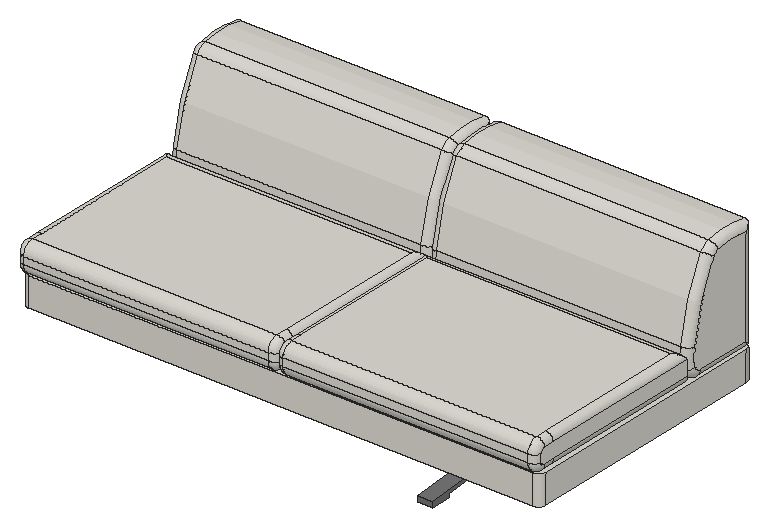
Revit family "Haworth_Kennedee_Sectional_Armless", category Furniture, Revit 2018
Family settings
  OmniClass Number = 23.40.70.14.64.21
  OmniClass Title = Systems Furniture
  Work Plane-Based = No
  Always vertical = Yes
  Cut with Voids When Loaded = No
  Shared = No
  Room Calculation Point = No
Parameters (values of type "HCPF-KEK - Two Seats")
  Warranty = "http://www.haworth.com/resources/product-info/warranties"
  Upholstery Finish [instance] = Haworth _ Leather _ PF Color System _ Latte 70-004
  URL - Product = "http://www.haworth.com/products/Seating/Lounge-Chairs/kennedee"
  URL = "http://www.haworth.com/our-brands/haworth-collection"
  Two Seats = not(One Seat)  # yes
  Size = "Verify Final Dim. w/ Haworth"  # constant formula
  Revision Number = "4"  # constant formula
  One Seat = no
  Model = "HCPF-KEK"  # constant formula
  Manufacturer = "Haworth"  # constant formula
  Leg Offset = 16 1/2"  # constant formula
  Leg Thickness = 2"  # constant formula
  Description = "Haworth Kennedee Sectional Armless"  # constant formula
  Base Finish = Haworth _ Paint _ Metallic Gunmetal
  Author = "Haworth (Hampton)"  # constant formula
  Assembly Code = "E2020200"
  Bench Width = if(Two Seats, 71", 35 1/2")  # 71"
Types (2): name | Two Seats | One Seat | Bench Width
  HCPF-KEK - One Seat | no | yes | 35 1/2"
  HCPF-KEK - Two Seats | yes | no | 71"
Reference planes (in)
  plane 1 "Bench Center F/B": y = 0
  plane 2: z = 0
  plane 3 "Left": x = 0
  plane 4 "Seat 1 Right": x = 35.5
  plane 5 "Bench Left": x = 0
  plane 6 "Bench Back": y = 17.5
  plane 7 "Bench Front": y = -18.75
  plane 8 "Slab Bottom": z = 6.64598
  plane 9 "Slab Top": z = 10.64598
  plane 10 "Cushion Top": z = 15.14598
  plane 11 "Back Top": z = 26.14598
  plane 12 "Arm Top": z = 20.89598
  plane 13 "Seat 2 Right": x = 71
  plane 14 "Right": x = 71
  plane 15 "Leg 6": x = 54.5
  plane 16 "Leg 5": x = 52.5
Forms (in)
  Extrusion 1, solid, material "Haworth _ Leather _ PF Color System _ Latte 70-004" <- "Upholstery Finish"
    sketch origin (0, 0, 0) x (1, 0, 0) y (0, 1, 0)
      loop
        arc (70, -18.75) -> (70.70711, -18.45711) -> (71, -17.75) r 1
        line (71, -17.75) -> (71, 16.5)
        arc (71, 16.5) -> (70.70711, 17.20711) -> (70, 17.5) r 1
        line (70, 17.5) -> (1, 17.5)
        arc (1, 17.5) -> (0.29289, 17.20711) -> (0, 16.5) r 1
        line (0, 16.5) -> (0, -17.75)
        arc (0, -17.75) -> (0.29289, -18.45711) -> (1, -18.75) r 1
        line (1, -18.75) -> (70, -18.75)
    from 6.64598 to 10.64598
  Extrusion 2, solid, material "Haworth _ Paint _ Metallic Gunmetal" <- "Base Finish"
    sketch origin (12.70432, 0, 0) x (0, 1, 0) y (0, 0, 1)
      loop
        line (-4.41562, 1.82273) -> (-16.52388, 0.7653) -> (-16.52388, 0.00041) -> (-13.83907, 0.0004) -> (-13.82638, 0.54474) -> (-4.41402, 1.42903)
        arc (-4.41402, 1.42903) -> (-3.30047, 1.89028) -> (-2.83922, 3.00383) r 1.5748
        line (-2.83922, 3.00383) -> (-2.83921, 5.12901)
        arc (-2.83921, 5.12901) -> (-3.30046, 6.24257) -> (-4.41402, 6.70382) r 1.5748
        line (-4.41402, 6.70382) -> (-9.22157, 6.70382) -> (-9.22157, 6.31012) -> (-4.41561, 6.31012)
        arc (-4.41561, 6.31012) -> (-3.57932, 5.96371) -> (-3.23291, 5.12742) r 1.1827
        line (-3.23291, 5.12742) -> (-3.23292, 3.00543)
        arc (-3.23292, 3.00543) -> (-3.57932, 2.16913) -> (-4.41562, 1.82273) r 1.1827
      loop
        arc (4.41562, 1.82273) -> (3.57932, 2.16913) -> (3.23292, 3.00543) r 1.1827
        line (3.23292, 3.00543) -> (3.23291, 5.12742)
        arc (3.23291, 5.12742) -> (3.57932, 5.96371) -> (4.41561, 6.31012) r 1.1827
        line (4.41561, 6.31012) -> (9.22157, 6.31012) -> (9.22157, 6.70382) -> (4.41402, 6.70382)
        arc (4.41402, 6.70382) -> (3.30046, 6.24257) -> (2.83921, 5.12901) r 1.5748
        line (2.83921, 5.12901) -> (2.83922, 3.00383)
        arc (2.83922, 3.00383) -> (3.30047, 1.89028) -> (4.41402, 1.42903) r 1.5748
        line (4.41402, 1.42903) -> (13.82638, 0.54474) -> (13.83907, 0.0004) -> (16.52388, 0.00041) -> (16.52388, 0.7653) -> (4.41562, 1.82273)
      loop
        arc (-2.76257, 2.92998) -> (-2.30139, 1.81635) -> (-1.18776, 1.35517) r 1.57456
        line (-1.18776, 1.35517) -> (1.18776, 1.35517)
        arc (1.18776, 1.35517) -> (2.30139, 1.81635) -> (2.76257, 2.92998) r 1.57456
        line (2.76257, 2.92998) -> (2.76257, 6.6933) -> (2.36887, 6.6933) -> (2.36887, 2.93157)
        arc (2.36887, 2.93157) -> (2.02349, 2.09538) -> (1.18775, 1.74888) r 1.18112
        line (1.18775, 1.74888) -> (-1.18775, 1.74888)
        arc (-1.18775, 1.74888) -> (-2.024, 2.09589) -> (-2.36886, 2.93303) r 1.18112
        line (-2.36886, 2.93303) -> (-2.36886, 6.69331) -> (-2.76256, 6.69331) -> (-2.76256, 2.9247)
    from 39.79568 to 41.79568
Lines and regions (in)
  Masking region 1
    outline origin (0, 0, 0) x (1, 0, 0) y (0, 1, 0)
      loop
        arc (1, 17.5) -> (0.29289, 17.20711) -> (0, 16.5) r 1
        line (0, 16.5) -> (0, -17.75)
        arc (0, -17.75) -> (0.29289, -18.45711) -> (1, -18.75) r 1
        line (1, -18.75) -> (70, -18.75)
        arc (70, -18.75) -> (70.70711, -18.45711) -> (71, -17.75) r 1
        line (71, -17.75) -> (71, 16.5)
        arc (71, 16.5) -> (70.70711, 17.20711) -> (70, 17.5) r 1
        line (70, 17.5) -> (1, 17.5)
Dimensions and locks (in)
  "Leg Thickness": plane 16 "Leg 5" to plane 15 "Leg 6"
  "Leg Offset": plane 15 "Leg 6" to plane 14 "Right"
  "Bench Width": plane 3 "Left" to plane 14 "Right"
  aligned and locked: Extrusion 1 to plane 8 "Slab Bottom"
  aligned and locked: plane 9 "Slab Top" to Extrusion 1
  aligned: plane 7 "Bench Front" to Extrusion 1
  aligned: plane 6 "Bench Back" to Extrusion 1
  aligned: plane 14 "Right" to Masking region 1
  aligned: Extrusion 1 to nested 2
  aligned and locked: plane 15 "Leg 6" to Extrusion 2
  aligned and locked: Extrusion 2 to plane 16 "Leg 5"
  aligned and locked: plane 7 "Bench Front" to Masking region 1
  aligned and locked: plane 6 "Bench Back" to Masking region 1
  aligned and locked: plane 14 "Right" to Masking region 1
Automatic sketch dimensions
  level to Extrusion 2 sketch curve = 0.7653"
  Extrusion 2 sketch curve to plane 7 "Bench Front" = 2.22612"
  level to Extrusion 2 sketch curve = 0.0004"  (x2)
  Extrusion 2 sketch curve to Extrusion 2 sketch curve = 2.68482"
  level to Extrusion 2 sketch curve = 0.54474"  (x2)
  Extrusion 2 sketch curve to Extrusion 2 sketch curve = 0.01269"  (x2)
  plane 8 "Slab Bottom" to Extrusion 2 sketch curve = 0.05784"  (x2)
  Extrusion 2 sketch curve to Extrusion 2 sketch curve = 4.60481"
  level to Extrusion 2 sketch curve = 1.82273"
  plane 1 "Bench Center F/B" to Extrusion 2 sketch curve = 4.41562"
  Extrusion 2 sketch curve to plane 8 "Slab Bottom" = 0.33586"
  Extrusion 2 sketch curve to Extrusion 2 sketch curve = 0"  (x4)
  level to Extrusion 2 sketch curve = 1.42903"  (x2)
  Extrusion 2 sketch curve to Extrusion 2 sketch curve = 0.0016"  (x9)
  Extrusion 2 sketch curve to Extrusion 2 sketch curve = 1.1811"  (x3)
  Extrusion 2 sketch curve to plane 8 "Slab Bottom" = 1.51856"  (x2)
  Extrusion 2 sketch curve to Extrusion 2 sketch curve = 0.3937"  (x9)
  Extrusion 2 sketch curve to plane 8 "Slab Bottom" = 1.51696"
  Extrusion 2 sketch curve to Extrusion 2 sketch curve = 0.07665"  (x3)
  plane 8 "Slab Bottom" to Extrusion 2 sketch curve = 0.04733"  (x2)
  Extrusion 2 sketch curve to Extrusion 2 sketch curve = 1.18086"  (x3)
  plane 1 "Bench Center F/B" to Extrusion 2 sketch curve = 1.18776"
  Extrusion 2 sketch curve to plane 1 "Bench Center F/B" = 1.18775"
  Extrusion 2 sketch curve to Extrusion 2 sketch curve = 0.00025"  (x3)
  Extrusion 2 sketch curve to plane 1 "Bench Center F/B" = 2.36887"
  Extrusion 2 sketch curve to Extrusion 2 sketch curve = 0.07664"
  Extrusion 2 sketch curve to Extrusion 2 sketch curve = 1.65145"
  Extrusion 2 sketch curve to Extrusion 2 sketch curve = 4.80756"
  Extrusion 2 sketch curve to plane 6 "Bench Back" = 3.67362"
  Extrusion 2 sketch curve to plane 6 "Bench Back" = 0.97612"
  level to Extrusion 2 sketch curve = 0.00041"  (x2)
  Extrusion 2 sketch curve to Extrusion 2 sketch curve = 0.76489"
  level to Extrusion 2 sketch curve = 1.35517"
  Extrusion 2 sketch curve to Extrusion 2 sketch curve = 0.07913"
  Extrusion 2 sketch curve to Extrusion 2 sketch curve = 0.07385"  (x2)
  Extrusion 2 sketch curve to plane 8 "Slab Bottom" = 0.33585"
  Extrusion 1 sketch curve to plane 3 "Left" = 0"
  plane 7 "Bench Front" to Extrusion 1 sketch curve = 0"
  Extrusion 1 sketch curve to plane 6 "Bench Back" = 0"
  Extrusion 1 sketch curve to plane 14 "Right" = 0"
  plane 3 "Left" to Extrusion 1 sketch curve = 1"  (x2)
  Extrusion 1 sketch curve to plane 14 "Right" = 1"  (x2)
  plane 3 "Left" to Masking region 1 sketch curve = 0"
  Masking region 1 sketch curve to plane 6 "Bench Back" = 0"
  Masking region 1 sketch curve to plane 14 "Right" = 0"
  plane 3 "Left" to Masking region 1 sketch curve = 1"  (x2)
  Masking region 1 sketch curve to plane 14 "Right" = 1"
  Masking region 1 sketch curve to plane 7 "Bench Front" = 1"
  Masking region 1 sketch curve to plane 7 "Bench Front" = 0"
Nested families (in)
  nested 1: "Haworth_Kennedee-Cushion" at (-2, -3.4991, 0), visible <- "Two Seats", type "Bench"
  nested 2: "Haworth_Kennedee-Seating-Cushion-Back" at (0, 0, 0), visible <- "Two Seats", type "Back"
  nested 3: "Haworth_Kennedee-Cushion" at (33.5, -3.4991, 0), type "Bench"
  nested 4: "Haworth_Kennedee-Seating-Cushion-Back" at (35.5, 0, 0), type "Back"
Definition of nested family "Haworth_Kennedee-Cushion"
  Parameters
    URL - Product = "www.haworthcollection.com"
    Model = "Haworth_Kennedee-Seating_Cushion"  # constant formula
    Description = "Haworth_Kennedee-Seating_Cushion"
    URL = "www.haworthcollection.com"
    Size = "Verify Final Dim. w/ Haworth"  # constant formula
    Revision Number = "1"  # constant formula
    Manufacturer = "Haworth"  # constant formula
    Cushion Width = 35 1/2"
    Chair Finish = none
    Author = "Haworth (Hampton)"  # constant formula
    Assembly Code = "E2020200"
  Reference planes (in)
    plane 1 "Center F/B": y = 0
    plane 2: z = 0
    plane 3 "Center L/R": x = 19.75
    plane 4 "Left": x = 2
    plane 5 "Right": x = 37.5
    plane 6 "Chair Front": y = -15.125
    plane 7 "Top": z = 27.5
    plane 8 "Chair Bottom": z = 4
    plane 9 "Seat Top": z = 14.875
    plane 10 "Frame Top": z = 25.5
    plane 11: z = 0.5
  Forms (in)
    Extrusion 1, solid, material <- "Chair Finish"
      sketch origin (37.5, -17.25, 0) x (0, 1, 0) y (0, 0, 1)
        loop
          arc (1.125, 12.29715) -> (1.56434, 11.23649) -> (2.625, 10.79715) r 1.5
          line (2.625, 10.79715) -> (4.125, 10.79715) -> (4.125, 14.875) -> (2.625, 14.875)
          arc (2.625, 14.875) -> (1.56434, 14.43566) -> (1.125, 13.375) r 1.5
          line (1.125, 13.375) -> (1.125, 12.29715)
      from -35.5 to 0
    Extrusion 2, void
      sketch origin (2, 0, 0) x (0, -1, 0) y (0, 0, 1)
        loop
          line (-9.875, 14.875) -> (-9.875, 13.375)
          arc (-9.875, 13.375) -> (-9.43566, 14.43566) -> (-8.375, 14.875) r 1.5
          line (-8.375, 14.875) -> (-9.875, 14.875)
      from -35.5 to 0
    Sweep 3, void
      path origin (2, 0, 0) x (0, -1, 0) y (0, 0, 1)
        loop
          line (-9.875, 14.875) -> (14.625, 14.875)
          arc (14.625, 14.875) -> (15.68566, 14.43566) -> (16.125, 13.375) r 1.5
          line (16.125, 13.375) -> (16.125, 12.29715)
          arc (16.125, 12.29715) -> (15.68566, 11.23649) -> (14.625, 10.79715) r 1.5
          line (14.625, 10.79715) -> (13.125, 10.79715)
      profile origin (2, -2.375, 14.875) x (0, 0, 1) y (-1, 0, 0)
        loop
          line (0, 0) -> (-1, 0)
          arc (-1, 0) -> (-0.29289, -0.29289) -> (0, -1) r 1
          line (0, -1) -> (0, 0)
    Sweep 4, void
      path origin (37.5, -17.25, 0) x (0, 1, 0) y (0, 0, 1)
        loop
          line (4.125, 10.79715) -> (2.625, 10.79715)
          arc (2.625, 10.79715) -> (1.56434, 11.23649) -> (1.125, 12.29715) r 1.5
          line (1.125, 12.29715) -> (1.125, 13.375)
          arc (1.125, 13.375) -> (1.56434, 14.43566) -> (2.625, 14.875) r 1.5
          line (2.625, 14.875) -> (27.125, 14.875)
      profile origin (37.5, -2.375, 14.875) x (0, 0, 1) y (1, 0, 0)
        loop
          line (0, 0) -> (-1, 0)
          arc (-1, 0) -> (-0.29289, -0.29289) -> (0, -1) r 1
          line (0, -1) -> (0, 0)
    Extrusion 5, solid, material <- "Chair Finish"
      sketch origin (37.5, -13.125, 14.875) x (0, 0, -1) y (-1, 0, 0)
        loop
          line (0, 34.5) -> (0, 1)
          arc (0, 1) -> (0.29289, 0.29289) -> (1, 0) r 1
          line (1, 0) -> (3.07785, 0)
          arc (3.07785, 0) -> (3.78496, 0.29289) -> (4.07785, 1) r 1
          line (4.07785, 1) -> (4.07785, 34.5)
          arc (4.07785, 34.5) -> (3.78496, 35.20711) -> (3.07785, 35.5) r 1
          line (3.07785, 35.5) -> (1, 35.5)
          arc (1, 35.5) -> (0.29289, 35.20711) -> (0, 34.5) r 1
      from 0 to 23
  Cuts and joins
    Extrusion 2, Sweep 3, Sweep 4 cuts Extrusion 1
    Extrusion 2 cuts Extrusion 5
    joined: Extrusion 1, Extrusion 5
  Lines and regions (in)
    Masking region 1
      outline origin (0, 0, 27.5) x (-1, 0, 0) y (0, -1, 0)
        loop
          line (-2, -9.875) -> (-2, 15.125)
          arc (-2, 15.125) -> (-2.29356, 15.83371) -> (-3.00227, 16.12727) r 1.00227
          line (-3.00227, 16.12727) -> (-36.49773, 16.12727)
          arc (-36.49773, 16.12727) -> (-37.20644, 15.83371) -> (-37.5, 15.125) r 1.00227
          line (-37.5, 15.125) -> (-37.5, -9.875) -> (-2, -9.875)
  Dimensions and locks (in)
    locked: plane 7 "Top" to level at 27.5
    locked: plane 8 "Chair Bottom" to level at 4
    plane 9 "Seat Top" to level = 14 7/8"
    locked: plane 7 "Top" to plane 10 "Frame Top" at 2
    locked: plane 11 to level at 0.5
    "Cushion Width": plane 4 "Left" to plane 5 "Right"
    equal spacing: plane 4 "Left", plane 3 "Center L/R", plane 5 "Right"
    aligned and locked: Extrusion 1 to plane 9 "Seat Top"
    aligned and locked: plane 4 "Left" to Extrusion 1
    aligned and locked: plane 5 "Right" to Masking region 1
    aligned and locked: plane 5 "Right" to Extrusion 2
    aligned and locked: plane 4 "Left" to Masking region 1
    aligned: Masking region 1 to cut or joined group of Extrusion 1, Extrusion 2, Sweep 3, Sweep 4, Extrusion 5
    aligned: plane 5 "Right" to cut or joined group of Extrusion 1, Extrusion 2, Sweep 3, Sweep 4, Extrusion 5
  Automatic sketch dimensions
    Extrusion 1 sketch curve to plane 9 "Seat Top" = 0"
    Extrusion 1 sketch curve to plane 6 "Chair Front" = 1"
    plane 6 "Chair Front" to Extrusion 1 sketch curve = 1/2"  (x2)
    Extrusion 1 sketch curve to Extrusion 1 sketch curve = 1 1/2"
    Extrusion 1 sketch curve to Extrusion 1 sketch curve = 1.07785"
    Extrusion 2 sketch curve to plane 9 "Seat Top" = 0"  (x2)
    Extrusion 2 sketch curve to plane 9 "Seat Top" = 1 1/2"
    Extrusion 2 sketch curve to plane 1 "Center F/B" = 9 7/8"
    Extrusion 2 sketch curve to Extrusion 2 sketch curve = 0"
    Masking region 1 sketch curve to plane 5 "Right" = 0"
    Masking region 1 sketch curve to plane 6 "Chair Front" = 0"  (x2)
    Masking region 1 sketch curve to plane 4 "Left" = 0"
    Masking region 1 sketch curve to plane 5 "Right" = 1.00227"
    Masking region 1 sketch curve to plane 1 "Center F/B" = 9 7/8"
    Sweep 3 sketch curve to plane 9 "Seat Top" = 0"
    Sweep 3 sketch curve to plane 1 "Center F/B" = 9 7/8"
    plane 6 "Chair Front" to Sweep 3 sketch curve = 2"
    plane 6 "Chair Front" to Sweep 3 sketch curve = 1/2"  (x2)
    Sweep 3 sketch curve to plane 6 "Chair Front" = 1"
    Sweep 3 sketch curve to Sweep 3 sketch curve = 1.07785"
    plane 4 "Left" to Sweep 3 sketch curve = 0"
    Sweep 3 sketch curve to profile plane = 0"
    Sweep 3 sketch curve to Sweep 3 sketch curve = 1"
    Sweep 4 sketch curve to plane 9 "Seat Top" = 0"
    Sweep 4 sketch curve to plane 6 "Chair Front" = 1"
    plane 6 "Chair Front" to Sweep 4 sketch curve = 1/2"  (x2)
    Sweep 4 sketch curve to Sweep 4 sketch curve = 1 1/2"
    Sweep 4 sketch curve to plane 1 "Center F/B" = 9 7/8"
    Sweep 4 sketch curve to Sweep 4 sketch curve = 1.07785"
    Sweep 4 sketch curve to plane 5 "Right" = 0"
    Sweep 4 sketch curve to profile plane = 0"
    Sweep 4 sketch curve to Sweep 4 sketch curve = 1"
    Extrusion 5 sketch curve to Extrusion 1 = 0"  (x3)
    Extrusion 1 to Extrusion 5 sketch curve = 0"
    Extrusion 5 sketch curve to Extrusion 1 = 1"
    Extrusion 1 to Extrusion 5 sketch curve = 1"  (x3)
Definition of nested family "Haworth_Kennedee-Seating-Cushion-Back"
  Parameters
    URL = "http://haworthcollection.com/"
    Size = "Verify Final Dim. w/ Haworth"  # constant formula
    Revision Number = "1"  # constant formula
    Model = "Haworth_Kennedee-Seating-Cushion-Back_Part"  # constant formula
    Manufacturer = "Haworth"  # constant formula
    Description = "Haworth_Kennedee-Seating-Cushion-Back_Part"
    Bench Finish = none
    Author = "Haworth (Hampton)"  # constant formula
    Assembly Code = "E2020200"
    Actual Width = 35 1/2"
  Reference planes (in)
    plane 1: z = 0
    plane 2 "Bench Center L/R": x = 0
    plane 3 "Seat 1 Right": x = 35.5
    plane 4 "Bench Left": x = 0
    plane 5 "Bench Back": y = 17.5
    plane 6 "Slab Top": z = 10.64598
    plane 7 "Back Top": z = 26.14598
  Forms (in)
    Extrusion 1, solid, material <- "Bench Finish"
      sketch origin (-16, 0, 0) x (0, 1, 0) y (0, 0, -1)
        loop
          line (17.5, -26.03791) -> (17.5, -10.64598) -> (8.52766, -10.64598)
          arc (8.52766, -10.64598) -> (7.37746, -11.08122) -> (6.72157, -12.12151) r 1.93574
          arc (6.72157, -12.12151) -> (6.51124, -13.55369) -> (6.57072, -15) r 7.75555
          arc (6.57072, -15) -> (7.82614, -20.23118) -> (10.10533, -25.10422) r 26.68382
          arc (10.10533, -25.10422) -> (10.65227, -25.70266) -> (11.39044, -26.03791) r 2.02039
          arc (11.39044, -26.03791) -> (14.44522, -26.38195) -> (17.5, -26.03791) r 13.73386
      from -51.5 to -16
    Sweep 2, void
      path in 3D
        loop
          line (35.5, 17.5, 26.03791) -> (35.5, 17.5, 10.64598) -> (35.5, 8.52766, 10.64598)
          arc (35.5, 8.52766, 10.64598) -> (35.5, 7.37746, 11.08122) -> (35.5, 6.72157, 12.12151) r 1.93574
          arc (35.5, 6.72157, 12.12151) -> (35.5, 6.51124, 13.55369) -> (35.5, 6.57072, 15) r 7.75555
          arc (35.5, 6.57072, 15) -> (35.5, 7.82614, 20.23118) -> (35.5, 10.10533, 25.10422) r 26.68382
          arc (35.5, 10.10533, 25.10422) -> (35.5, 10.65227, 25.70266) -> (35.5, 11.39044, 26.03791) r 2.02039
          arc (35.5, 11.39044, 26.03791) -> (35.5, 14.44522, 26.38195) -> (35.5, 17.5, 26.03791) r 13.73386
      profile origin (35.5, 14.44522, 26.38195) x (0, 0, 1) y (1, 0, 0)
        loop
          arc (-1.04484, 0) -> (-0.30603, -0.30603) -> (0, -1.04484) r 1.04484
          line (0, -1.04484) -> (0.06507, -0.12608) -> (0.06507, 0.08499) -> (-0.12608, 0.08499) -> (-1.04484, 0)
    Sweep 3, void
      path in 3D
        loop
          line (0, 17.5, 26.03791) -> (0, 17.5, 10.64598) -> (0, 8.52766, 10.64598)
          arc (0, 8.52766, 10.64598) -> (0, 7.37746, 11.08122) -> (0, 6.72157, 12.12151) r 1.93574
          arc (0, 6.72157, 12.12151) -> (0, 6.51124, 13.55369) -> (0, 6.57072, 15) r 7.75555
          arc (0, 6.57072, 15) -> (0, 7.82614, 20.23118) -> (0, 10.10533, 25.10422) r 26.68382
          arc (0, 10.10533, 25.10422) -> (0, 10.65227, 25.70266) -> (0, 11.39044, 26.03791) r 2.02039
          arc (0, 11.39044, 26.03791) -> (0, 14.44522, 26.38195) -> (0, 17.5, 26.03791) r 13.73386
      profile origin (0, 14.44522, 26.38195) x (0, 0, -1) y (-1, 0, 0)
        loop
          line (1.04484, 0) -> (0.12608, 0.08499) -> (-0.06507, 0.08499) -> (-0.06507, -0.12608) -> (0, -1.04484)
          arc (0, -1.04484) -> (0.30603, -0.30603) -> (1.04484, 0) r 1.04484
  Cuts and joins
    Sweep 2, Sweep 3 cuts Extrusion 1
  Lines and regions (in)
    sketch lines
      curve 1: arc (35.5, 11.39044, 26.03791) -> (35.5, 14.44522, 26.38195) -> (35.5, 17.5, 26.03791) r 13.73386
      curve 2: arc (35.5, 10.10533, 25.10422) -> (35.5, 10.65227, 25.70266) -> (35.5, 11.39044, 26.03791) r 2.02039
      curve 3: arc (35.5, 6.57072, 15) -> (35.5, 7.82614, 20.23118) -> (35.5, 10.10533, 25.10422) r 26.68382
      curve 4: arc (35.5, 6.72157, 12.12151) -> (35.5, 6.51124, 13.55369) -> (35.5, 6.57072, 15) r 7.75555
      curve 5: arc (35.5, 8.52766, 10.64598) -> (35.5, 7.37746, 11.08122) -> (35.5, 6.72157, 12.12151) r 1.93574
      curve 6: line (35.5, 8.52766, 10.64598) -> (35.5, 17.5, 10.64598)
      curve 7: line (35.5, 17.5, 10.64598) -> (35.5, 17.5, 26.03791)
      curve 8: arc (0, 11.39044, 26.03791) -> (0, 14.44522, 26.38195) -> (0, 17.5, 26.03791) r 13.73386
      curve 9: arc (0, 10.10533, 25.10422) -> (0, 10.65227, 25.70266) -> (0, 11.39044, 26.03791) r 2.02039
      curve 10: arc (0, 6.57072, 15) -> (0, 7.82614, 20.23118) -> (0, 10.10533, 25.10422) r 26.68382
      curve 11: arc (0, 6.72157, 12.12151) -> (0, 6.51124, 13.55369) -> (0, 6.57072, 15) r 7.75555
      curve 12: arc (0, 8.52766, 10.64598) -> (0, 7.37746, 11.08122) -> (0, 6.72157, 12.12151) r 1.93574
      curve 13: line (0, 8.52766, 10.64598) -> (0, 17.5, 10.64598)
      curve 14: line (0, 17.5, 10.64598) -> (0, 17.5, 26.03791)
    symbolic lines
      curve 15: line (0, 17.5, 0) -> (0, 6.5, 0)
      curve 16: line (35.5, 17.5, 0) -> (35.5, 6.5, 0)
      curve 17: line (0, 6.5, 0) -> (35.5, 6.5, 0)
  Dimensions and locks (in)
    "Actual Width": plane 2 "Bench Center L/R" to plane 3 "Seat 1 Right"
    aligned and locked: Extrusion 1 to plane 4 "Bench Left"
    aligned and locked: plane 3 "Seat 1 Right" to Extrusion 1
  Automatic sketch dimensions
    curve 15 to plane 2 "Bench Center L/R" = 0"
    curve 16 to plane 3 "Seat 1 Right" = 0"
    curve 16 to plane 5 "Bench Back" = 0"
    curve 15 to plane 5 "Bench Back" = 0"
    curve 17 to curve 16 = 11"
    Extrusion 1 sketch curve to plane 6 "Slab Top" = 0"
    Extrusion 1 sketch curve to plane 5 "Bench Back" = 0"
    Extrusion 1 sketch curve to plane 6 "Slab Top" = 2.00211"
    plane 5 "Bench Back" to Extrusion 1 sketch curve = 3.05478"
    Extrusion 1 sketch curve to Extrusion 1 sketch curve = 0.18906"
    plane 7 "Back Top" to Extrusion 1 sketch curve = 2.07784"
    plane 5 "Bench Back" to Extrusion 1 sketch curve = 5 169/256"
    plane 7 "Back Top" to Extrusion 1 sketch curve = 0.10807"
    Extrusion 1 sketch curve to Extrusion 1 sketch curve = 0"  (x3)
    Extrusion 1 sketch curve to Extrusion 1 sketch curve = 1.28511"
    Extrusion 1 sketch curve to plane 6 "Slab Top" = 1.93431"
    Extrusion 1 sketch curve to Extrusion 1 sketch curve = 5.654"
    Extrusion 1 sketch curve to Extrusion 1 sketch curve = 0.07451"
    Extrusion 1 sketch curve to Extrusion 1 sketch curve = 1.88059"
    Extrusion 1 sketch curve to Extrusion 1 sketch curve = 0.15086"
    Sweep 2 sketch curve to profile plane = 0"  (x2)
    profile plane to Sweep 2 sketch curve = 0.12608"
    Sweep 2 sketch curve to Sweep 2 sketch curve = 0.91876"
    Sweep 2 sketch curve to profile plane = 0.06507"
    Sweep 2 sketch curve to profile plane = 0.12608"
    profile plane to Sweep 2 sketch curve = 0.08499"
    Sweep 3 sketch curve to profile plane = 0"
    profile plane to Sweep 3 sketch curve = 0"
    profile plane to Sweep 3 sketch curve = 0.06507"
    Sweep 3 sketch curve to profile plane = 0.12608"  (x2)
    Sweep 3 sketch curve to Sweep 3 sketch curve = 0.91876"
    profile plane to Sweep 3 sketch curve = 0.08499"
